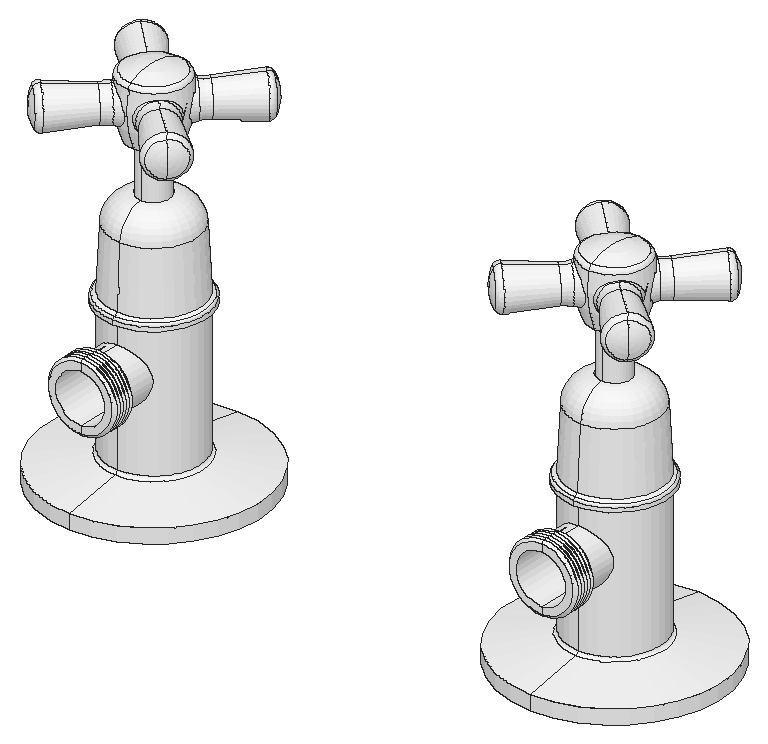
Revit family "Reece_Tap_Base_Washing Machine Stops_Anti-Vandal", category Plumbing Fixtures, host Face, Revit 2018
Family settings
  Host = Face
  Round Connector Dimension = Use Diameter
  Part Type = Normal
  Cut with Voids When Loaded = No
  Shared = Yes
  Room Calculation Point = Yes
Parameters (values of type "Chrome")
  WFU = 0  # constant formula
  URL = "https://www.reece.com.au/product/-9505430"
  Type Comments = "Tap"
  Reece_Tap_Outlet = 18 mm  # constant formula
  Reece_Tap_Inlet = 12 mm  # constant formula
  Reece_Tap_Axis Distance [instance] = 150 mm
  Reece_Tap_Axis [instance] = if(Reece_Tap_Axis Distance < 70 mm, 70 mm, if(Reece_Tap_Axis Distance > 55 mm, Reece_Tap_Axis Distance, Reece_Tap_Axis Distance))  # 150 mm
  Reece_Product_Web Page = "https://www.reece.com.au/product/-9505430"
  Reece_Product_Type = "Tap"  # constant formula
  Reece_Product_Sub Brand = "Base"  # constant formula
  Reece_Product_Number = "9505430"
  Reece_Product_Mount = "Wall Mounted"
  Reece_Product_Description = "Base Washing Machine Stops Anti-Vandal (Pair) Chrome"
  Reece_Product_Brand = "Base"  # constant formula
  Reece_Overall_Diameter = 68 mm  # constant formula
  Reece_Material-Main = Reece_Brass_Chrome
  Reece_Detail_Installation = ""
  Reece_Detail_Disclaimer = "THIS FILE IS THE PROPERTY OF THE REECE GROUP. IT MAY NOT BE REPRODUCED, REVERSE-ENGINEERED OR MODIFIED. ANY REPUBLICATION, TRANSMISSION OR DISTRIBUTION FOR THE PURPOSE OF COMMERCIALLY EXPLOITING THE FILES IS PROHIBITED."  # constant formula
  Reece_Detail_Connector = ""
  Reece_Detail_Additional = "Anti-Vandal"  # constant formula
  Model = "Base"
  Manufacturer = "Base"
  Keynote = "Product #9505430, Reece_Tap_Base_Washing Machine Stops_Anti-Vandal - Chrome"
  HWFU = 0  # constant formula
  Disclaimer = "THIS FILE IS THE PROPERTY OF THE REECE GROUP. IT MAY NOT BE REPRODUCED, REVERSE-ENGINEERED OR MODIFIED. ANY REPUBLICATION, TRANSMISSION OR DISTRIBUTION FOR THE PURPOSE OF COMMERCIALLY EXPLOITING THE FILES IS PROHIBITED."  # constant formula
  Description = "Base Washing Machine Stops Anti-Vandal (Pair) Chrome"
  Default Elevation = 1000 mm
  CWFU = 0  # constant formula
Types (2, lengths in mm): name | Keynote
  (no name) | "Product #9505430, Reece_Tap_Base_Washing Machine Stops_Anti-Vandal -  "
  Chrome | "Product #9505430, Reece_Tap_Base_Washing Machine Stops_Anti-Vandal - Chrome"
Reference planes
  plane 1 "Center (Front/Back)": y = 0
  plane 2 "Bottom": z = 0
  plane 3 "Center (Left/Right)": x = 0
  plane 4: x = 75
  plane 5: x = -75
  plane 6: y = 34
  plane 7: y = -34
Forms (mm)
  Extrusion 1, void
    sketch origin (0, 0, 0) x (1, 0, 0) y (0, 1, 0)
      loop
        circle (-75, 0) r 11.509
      loop
        circle (75, 0) r 11.509
    from -21.115 to 12.525
  Revolve 2, solid
    sketch origin (-75, 0, 0) x (0, 1, 0) y (0, 0, 1)
      loop
        line (11.509, 0) -> (0, 0) -> (0, -16.43) -> (1.716, -16.43) -> (3.391, -13.53) -> (3.391, -12.746) -> (9.723, -12.746) -> (9.723, -6.92) -> (8.626, -5.823) -> (9.722, -5.823) -> (11.509, -4.036) -> (11.509, 0)
      axis (0, 0) -> (0, -16.43)
    angle from 0 to 360
  Revolve 3, solid
    sketch origin (75, 0, 0) x (0, 1, 0) y (0, 0, 1)
      loop
        line (11.509, 0) -> (0, 0) -> (0, -16.43) -> (1.716, -16.43) -> (3.391, -13.53) -> (3.391, -12.746) -> (9.723, -12.746) -> (9.723, -6.92) -> (8.626, -5.823) -> (9.722, -5.823) -> (11.509, -4.036) -> (11.509, 0)
      axis (0, 0) -> (0, -16.43)
    angle from 0 to 360
Text (mm)
  text "Reece Copyright © 2018, Reece Ltd." at (-399.897, -188.301, 0), in view "Ref. Level"
  text "Reece ©" at (44.384, 258.95, 192.345), in view "Reece Preview"
Dimensions and locks
  equal spacing: plane 5, plane 3 "Center (Left/Right)", plane 4
  "Reece_Tap_Axis Distance": plane 5 to plane 4
  "Reece_Overall_Diameter": plane 7 to plane 6
  aligned and locked: plane 2 "Bottom" to host face
  aligned and locked: level to host face
  aligned and locked: plane 1 "Center (Front/Back)" to nested 1
  aligned and locked: plane 1 "Center (Front/Back)" to nested 2
  aligned and locked: nested 1 to plane 5
  aligned and locked: plane 4 to nested 2
Automatic sketch dimensions
  host sketch curve to host sketch curve = 380.785 mm
  host sketch curve to host sketch curve = 317.421 mm
  plane 1 "Center (Front/Back)" to Extrusion 1 sketch curve = 0 mm  (x2)
  Extrusion 1 sketch curve to plane 5 = 0 mm
  Extrusion 1 sketch curve to plane 4 = 0 mm
  Revolve 2 sketch curve to plane 1 "Center (Front/Back)" = 0 mm  (x2)
  level to Revolve 2 sketch curve = 0 mm  (x2)
  Revolve 2 sketch curve to plane 1 "Center (Front/Back)" = 1.716 mm
  Revolve 2 sketch curve to Revolve 2 sketch curve = 1.675 mm
  Revolve 2 sketch curve to plane 1 "Center (Front/Back)" = 8.626 mm
  Revolve 2 sketch curve to Revolve 2 sketch curve = 1.097 mm  (x2)
  Revolve 2 sketch curve to Revolve 2 sketch curve = 6.333 mm
  Revolve 2 sketch curve to Revolve 2 sketch curve = 1.787 mm  (x2)
  Revolve 2 sketch curve to level = 4.036 mm
  Revolve 2 sketch curve to Revolve 2 sketch curve = 5.826 mm
  Revolve 2 sketch curve to Revolve 2 sketch curve = 0.783 mm
  Revolve 2 sketch curve to Revolve 2 sketch curve = 2.901 mm
  Revolve 2 sketch curve to Revolve 2 sketch curve = 2.203 mm
  Revolve 3 sketch curve to plane 1 "Center (Front/Back)" = 0 mm  (x2)
  level to Revolve 3 sketch curve = 0 mm  (x2)
  Revolve 3 sketch curve to plane 1 "Center (Front/Back)" = 1.716 mm
  Revolve 3 sketch curve to Revolve 3 sketch curve = 1.675 mm
  Revolve 3 sketch curve to plane 1 "Center (Front/Back)" = 8.626 mm
  Revolve 3 sketch curve to Revolve 3 sketch curve = 1.097 mm  (x2)
  Revolve 3 sketch curve to Revolve 3 sketch curve = 6.333 mm
  Revolve 3 sketch curve to Revolve 3 sketch curve = 1.787 mm  (x2)
  Revolve 3 sketch curve to level = 4.036 mm
  Revolve 3 sketch curve to Revolve 3 sketch curve = 5.826 mm
  Revolve 3 sketch curve to Revolve 3 sketch curve = 0.783 mm
  Revolve 3 sketch curve to Revolve 3 sketch curve = 2.901 mm
  Revolve 3 sketch curve to Revolve 3 sketch curve = 2.203 mm
  radius of Extrusion 1 sketch curve = 11.509 mm  (x2)
Nested families
  nested 1: "Reece_Tap_Base_Washing Machine Stops_Anti Vandal_Nested" at (-75, 0, 0), Reece_Material-Main <- "Reece_Material-Main", type "Reece_Tap_Base_Wall Top Assembly_Nested"
    with Reece_Material-Main Reece_Brass_Chrome
  nested 2: "Reece_Tap_Base_Washing Machine Stops_Anti Vandal_Nested" at (75, 0, 0), Reece_Material-Main <- "Reece_Material-Main", type "Reece_Tap_Base_Wall Top Assembly_Nested"
    with Reece_Material-Main Reece_Brass_Chrome
Connectors
  piping at (-75, 0, -9.564), diameter 12, driven by "Reece_Tap_Inlet"
    settings: on host face, index 1, connector inside diameter 609.6 mm, connector length 0 mm, flow factor 0, pipe flow 0.0 L/s, pressure drop 0.0 Pa, fitting loss kfactor 0, connector angle 0.00°, fixture units 0, engagement length 0 mm, angle of deflection 0.00°, flow configuration 0, flow direction 1, fitting loss method 0, system type 29, joint type 0, gender type 0, connector reference index -1, connector utility 0, adjustable connector no, is connector primary yes, connector description ""
  piping at (75, 0, -9.564), diameter 12, driven by "Reece_Tap_Inlet"
    settings: on host face, index 2, connector inside diameter 609.6 mm, connector length 0 mm, flow factor 0, pipe flow 0.0 L/s, pressure drop 0.0 Pa, fitting loss kfactor 0, connector angle 0.00°, fixture units 0, engagement length 0 mm, angle of deflection 0.00°, flow configuration 0, flow direction 1, fitting loss method 0, system type 29, joint type 0, gender type 0, connector reference index -1, connector utility 0, adjustable connector no, is connector primary no, connector description ""
  piping at (-75, -29.833, 36.557), diameter 18, driven by "Reece_Tap_Outlet"
    settings: on nested 1, index 3, connector inside diameter 609.6 mm, connector length 0 mm, flow factor 0, pipe flow 0.0 L/s, pressure drop 0.0 Pa, fitting loss kfactor 0, connector angle 0.00°, fixture units 0, engagement length 0 mm, angle of deflection 0.00°, flow configuration 0, flow direction 2, fitting loss method 0, system type 29, joint type 0, gender type 0, connector reference index -1, connector utility 0, adjustable connector no, is connector primary no, connector description ""
  piping at (75, -29.833, 36.557), diameter 18, driven by "Reece_Tap_Outlet"
    settings: on nested 2, index 4, connector inside diameter 609.6 mm, connector length 0 mm, flow factor 0, pipe flow 0.0 L/s, pressure drop 0.0 Pa, fitting loss kfactor 0, connector angle 0.00°, fixture units 0, engagement length 0 mm, angle of deflection 0.00°, flow configuration 0, flow direction 2, fitting loss method 0, system type 29, joint type 0, gender type 0, connector reference index -1, connector utility 0, adjustable connector no, is connector primary no, connector description ""
Definition of nested family "Reece_Tap_Base_Washing Machine Stops_Anti Vandal_Nested"
  Parameters (values of type "Reece_Tap_Base_Washing Machine Stops_Anti Vandal_Nested")
    Waste Connection = no
    WFU = 0
    Vent Connection = no
    URL = ""
    Type Comments = ""
    Reece_Material-Main [instance] = none
    Model = ""
    Manufacturer = ""
    Keynote = ""
    HWFU = 0
    HW Connection = no
    Description = ""
    Default Elevation = 0 mm
    Cost = 0
    CWFU = 0
    CW Connection = no
    Assembly Code = ""
  Reference planes
    plane 1 "Center (Front/Back)": y = 0
    plane 2 "Bottom": z = 0
    plane 3 "Center (Left/Right)": x = 0
    plane 4: y = 34
    plane 5: y = -34
  Forms (mm)
    Extrusion 1, solid
      sketch origin (619.2, -619.2, 0) x (1, 0, 0) y (0, 1, 0)
        loop
          line (-809.2, 779.2) -> (-809.2, 461.779) -> (-428.415, 461.779) -> (-428.415, 779.2) -> (-809.2, 779.2)
      from 0 to -9.564
    Extrusion 2, void
      sketch origin (0, 0, 0) x (1, 0, 0) y (0, 1, 0)
        loop
          circle (0, 0) r 11.509
      from -24.315 to 0
    Revolve 3, solid, material <- "Reece_Material-Main"
      sketch origin (0, 0, 49.676) x (0, 1, 0) y (0, 0, 1)
        loop
          line (0, 18.301) -> (0, -49.676) -> (34, -49.676) -> (34, -45.002)
          arc (34, -45.002) -> (24.858, -43.168) -> (15.654, -41.673) r 251.895
          arc (15.654, -41.673) -> (14.983, -41.307) -> (14.715, -40.59) r 1.095
          line (14.715, -40.59) -> (14.715, 2.5) -> (16.565, 2.5) -> (16.565, 3.823)
          arc (16.565, 3.823) -> (16.431, 4.323) -> (16.065, 4.689) r 1
          line (16.065, 4.689) -> (14.835, 5.399) -> (13.796, 25.221)
          arc (13.796, 25.221) -> (11.156, 31.13) -> (5.233, 33.74) r 9
          line (5.233, 33.74) -> (5.233, 18.301) -> (0, 18.301)
        loop
          line (4.808, 50.195) -> (8.244, 50.195)
          arc (8.244, 50.195) -> (10.641, 59.066) -> (10.364, 68.251) r 31.372
          arc (10.364, 68.251) -> (9.982, 69.115) -> (9.246, 69.708) r 2
          arc (9.246, 69.708) -> (4.737, 71.286) -> (0, 71.906) r 23.21
          line (0, 71.906) -> (0, 19.081) -> (4.808, 19.081) -> (4.808, 50.195)
        axis (0, 71.906) -> (0, -49.676)
      angle from 0 to 360
    Revolve 4, solid, material <- "Reece_Material-Main"
      sketch origin (0, 0, 18.387) x (-0.707107, 0.707107, 0) y (0, 0, 1)
        loop
          arc (14.45, 97.583) -> (12.706, 97.583) -> (10.99, 97.886) r 10
          line (10.99, 97.886) -> (0, 100.831) -> (-10.99, 97.886)
          arc (-10.99, 97.886) -> (-12.706, 97.583) -> (-14.45, 97.583) r 10
          line (-14.45, 97.583) -> (-28.959, 98.853)
          arc (-28.959, 98.853) -> (-30.123, 98.598) -> (-30.936, 97.726) r 2
          arc (-30.936, 97.726) -> (-31.923, 94.954) -> (-32.307, 92.036) r 13.954
          line (-32.307, 92.036) -> (0, 92.036) -> (32.307, 92.036)
          arc (32.307, 92.036) -> (31.923, 94.954) -> (30.936, 97.726) r 13.954
          arc (30.936, 97.726) -> (30.123, 98.598) -> (28.959, 98.853) r 2
          line (28.959, 98.853) -> (14.45, 97.583)
        axis (32.307, 92.036) -> (-32.307, 92.036)
      angle from 0 to 360
    Revolve 5, solid, material <- "Reece_Material-Main"
      sketch origin (0, 0, 18.387) x (0.707107, 0.707107, 0) y (0, 0, 1)
        loop
          arc (14.45, 97.583) -> (12.706, 97.583) -> (10.99, 97.886) r 10
          line (10.99, 97.886) -> (0, 100.831) -> (-10.99, 97.886)
          arc (-10.99, 97.886) -> (-12.706, 97.583) -> (-14.45, 97.583) r 10
          line (-14.45, 97.583) -> (-28.959, 98.853)
          arc (-28.959, 98.853) -> (-30.123, 98.598) -> (-30.936, 97.726) r 2
          arc (-30.936, 97.726) -> (-31.923, 94.954) -> (-32.307, 92.036) r 13.954
          line (-32.307, 92.036) -> (0, 92.036) -> (32.307, 92.036)
          arc (32.307, 92.036) -> (31.923, 94.954) -> (30.936, 97.726) r 13.954
          arc (30.936, 97.726) -> (30.123, 98.598) -> (28.959, 98.853) r 2
          line (28.959, 98.853) -> (14.45, 97.583)
        axis (32.307, 92.036) -> (-32.307, 92.036)
      angle from 0 to 360
    Revolve 6, solid, material <- "Reece_Material-Main"
      sketch origin (0, -0.051, 10.469) x (0, 1, 0) y (0, 0, 1)
        loop
          line (-4.782, 26.089) -> (-3.705, 26.089) -> (-3.705, 35.041) -> (-20.736, 35.041) -> (-22.931, 37.236) -> (-23.528, 36.638) -> (-24.126, 37.236) -> (-24.728, 36.633) -> (-25.33, 37.236) -> (-25.927, 36.638) -> (-26.524, 37.236) -> (-27.149, 36.61) -> (-27.775, 37.236) -> (-28.372, 36.638) -> (-28.969, 37.236) -> (-29.782, 36.423) -> (-29.782, 34.047) -> (-4.782, 34.047) -> (-4.782, 26.089)
        axis (-3.705, 26.089) -> (-29.782, 26.089)
      angle from 0 to 360
    Revolve 7, void
      sketch origin (0, -0.051, 6.094) x (0, 1, 0) y (0, 0, 1)
        loop
          line (-32.449, 30.464) -> (-7.804, 30.464) -> (-7.804, 38.152) -> (-32.449, 38.152) -> (-32.449, 30.464)
        axis (-7.804, 30.464) -> (-32.449, 30.464)
      angle from 0 to 360
  Cuts and joins
    Revolve 7 cuts Revolve 3
    joined: Revolve 3, Revolve 6
  Text (mm)
    text "Reece Copyright © 2018, Reece Ltd." at (-1403.988, -1192.393, 0), in view "Ref. Level"
    text "Reece ©" at (44.384, 258.95, 192.345), in view "Reece Preview"
  Dimensions and locks
    aligned and locked: plane 2 "Bottom" to Extrusion 1
    aligned and locked: level to Extrusion 1
